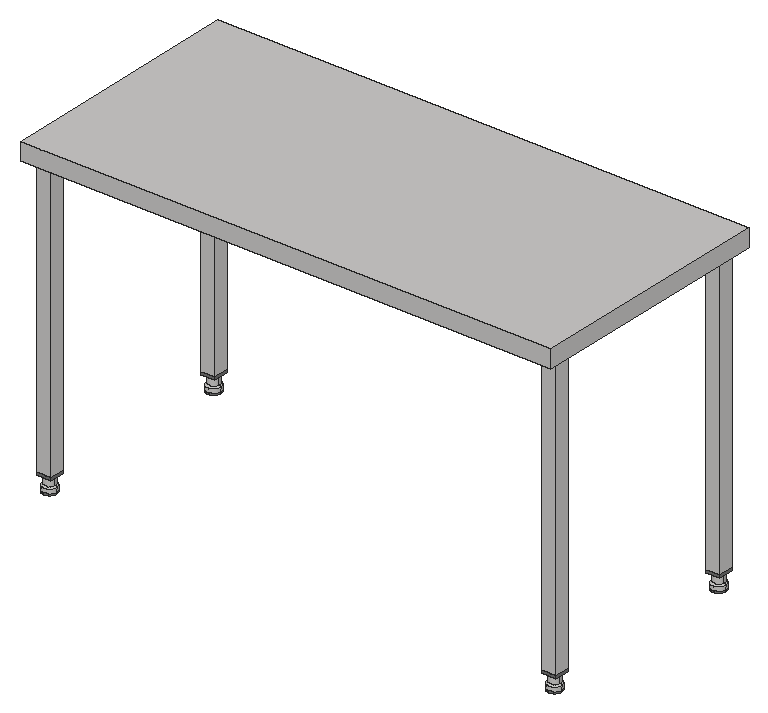
Revit family "QF_ELECTROLUXPROFESSIONAL_133221_TG1500N", category Attrezzature speciali, Revit 2020
Family settings
  Quota connettore circolare = Usa diametro
  Tipo di parte = Normale
  Basato su piano di lavoro = No
  Sempre verticale = Sì
  Taglio con vuoti quando caricato = No
  Condiviso = No
  Punto di calcolo locali = No
Parameters (values of type "Standard")
  Weight = 47.00 kg
  Watts = 0 W
  Volts = 0 V
  URL Manufacturer = "https://www.electroluxprofessional.com/"
  URL = "https://www.electroluxprofessional.com/"
  Steam Supply Size = 0 mm
  Steam Supply Minimum Pressure = 0.0 Pa
  Steam Supply Maximum Pressure = 0.0 Pa
  Steam Consumption per Hour = 0
  Refrigeration Suction Line Size = 0.0 mm
  Refrigeration Liquid Line Size = 0.0 mm
  Refrigerant Compressor Remote = yes
  Prospetto di default = 0.0 mm
  Produttore = "Electrolux Professional"
  Phase = 0
  Modello = "TG1500N"
  Length Actual = 1500.0 mm  # constant formula
  Item Number = "133221"
  Hot Water Size = 0 mm
  Height Actual = 900.0 mm  # constant formula
  HP = "0 HP"
  Gas Size = 0 mm
  Gas KW = 0
  Gas Input Pressure = 0 W
  Direct Waste Size = 0 mm
  Descrizione = "WORK TABLE 1500 MM"
  Depth Actual = 700.0 mm  # constant formula
  Cycle = 0 Hz
  Condensate Return Size = 0 mm
  Compressed Air Volume = 0.0 L/s
  Compressed Air Size = 0 mm
  Compressed Air Pressure = 0.0 Pa
  Cold Water Size = 0 mm
  Accessory = yes
Reference planes
  plane 1 "Center (Front/Back)": y = 0
  plane 2: z = 0
  plane 3 "Center (Left/Right)": x = -250
  plane 4 "LEFT": x = -1000
  plane 5 "RIGHT": x = 500
  plane 6 "BACK": y = 350
  plane 7 "FRONT": y = -350
  plane 8 "Base": z = 850
  plane 9 "TOP": z = 900
  plane 10: x = -964.5
  plane 11: x = 464.5
  plane 12: y = 290
  plane 13: y = -290
Forms (mm)
  Extrusion 1, solid, material "QF_Finishes_Stainless Steel"
    sketch origin (-250, 0, 0) x (0, 1, 0) y (0, 0, 1)
      loop
        line (-350, 850) -> (350, 850) -> (350, 900) -> (-350, 900) -> (-350, 850)
    from 750 to -750
Lines and regions (mm)
  symbolic lines
    curve 1: line (500, 350, 900) -> (-1000, 350, 900)
    curve 2: line (-1000, 350, 900) -> (-1000, -350, 900)
    curve 3: line (-1000, -350, 900) -> (500, -350, 900)
    curve 4: line (500, -350, 900) -> (500, 350, 900)
Dimensions and locks
  plane 4 "LEFT" to plane 5 "RIGHT" = 1500.0 mm
  equal spacing: plane 4 "LEFT", plane 3 "Center (Left/Right)", plane 5 "RIGHT"
  plane 4 "LEFT" to plane 10 = 35.5 mm
  plane 11 to plane 5 "RIGHT" = 35.5 mm
  plane 10 to plane 11 = 1429.0 mm
  locked: plane 9 "TOP" to level at 900
  plane 6 "BACK" to plane 12 = 60.0 mm
  plane 13 to plane 7 "FRONT" = 60.0 mm
  plane 6 "BACK" to plane 7 "FRONT" = 700.0 mm
  plane 12 to plane 13 = 580.0 mm
  equal spacing: plane 6 "BACK", plane 1 "Center (Front/Back)", plane 7 "FRONT"
  locked: plane 8 "Base" to level at 850
  aligned and locked: level to plane 2
  aligned and locked: plane 10 to nested 1
  aligned and locked: nested 1 to plane 13
  aligned and locked: plane 11 to nested 2
  aligned and locked: nested 2 to plane 13
  aligned and locked: plane 11 to nested 4
  aligned and locked: nested 4 to plane 12
  aligned and locked: plane 10 to nested 3
  aligned and locked: nested 3 to plane 12
  aligned and locked: Extrusion 1 to plane 4 "LEFT"
  aligned and locked: plane 5 "RIGHT" to Extrusion 1
  aligned and locked: curve 2 to plane 4 "LEFT"
Automatic sketch dimensions
  Extrusion 1 sketch curve to plane 7 "FRONT" = 0.0 mm
  Extrusion 1 sketch curve to plane 8 "Base" = 0.0 mm
  curve 3 to plane 7 "FRONT" = 0.0 mm
  curve 4 to plane 6 "BACK" = 0.0 mm
  Extrusion 1 sketch curve to plane 9 "TOP" = 0.0 mm
  Extrusion 1 sketch curve to plane 6 "BACK" = 0.0 mm
  curve 4 to plane 5 "RIGHT" = 0.0 mm
Nested families
  nested 1: "FEET_40x40_APP42" at (-964.5, -290, 0), type "FEET_40x40_APP42"
  nested 2: "FEET_40x40_APP42" at (464.5, -290, 0), type "FEET_40x40_APP42"
  nested 3: "FEET_40x40_APP42" at (-964.5, 290, 0), type "FEET_40x40_APP42"
  nested 4: "FEET_40x40_APP42" at (464.5, 290, 0), type "FEET_40x40_APP42"
Definition of nested family "FEET_40x40_APP42"
  Parameters
    Default Elevation = 0.0 mm
    FEET = 850.0 mm
  Reference planes
    plane 1 "Center (Front/Back)": y = 0
    plane 2: z = 0
    plane 3 "Center (Left/Right)": x = 0
    plane 4: z = 850
  Forms (mm)
    Extrusion 1, solid
      sketch origin (0, 0, 0) x (1, 0, 0) y (0, 1, 0)
        loop
          line (-20, -20) -> (20, -20) -> (20, 20) -> (-20, 20) -> (-20, -20)
      from 50 to 845
    Extrusion 2, solid
      sketch origin (0, 0, 0) x (1, 0, 0) y (0, 1, 0)
        loop
          circle (0, 0) r 20
      from 0 to 5
    Extrusion 3, solid
      sketch origin (0, 0, 0) x (1, 0, 0) y (0, 1, 0)
        loop
          line (30, 30) -> (-30, 30) -> (-30, -30) -> (30, -30) -> (30, 30)
      from 845 to 850
    Extrusion 4, solid
      sketch origin (0, 0, 0) x (1, 0, 0) y (0, 1, 0)
        loop
          line (-20, -20) -> (20, -20) -> (20, 20) -> (-20, 20) -> (-20, -20)
      from 50 to 42
    Revolve 5, solid
      sketch origin (0, 0, 0) x (1, 0, 0) y (0, 0, 1)
        loop
          line (0, 42) -> (-15, 42) -> (-15, 20) -> (-20, 15) -> (-20, 5) -> (0, 5) -> (0, 42)
        axis (0, 42) -> (0, 5)
      angle from 0 to 360
  Lines and regions (mm)
    symbolic lines
      curve 1: line (0, -1.503, 0) -> (0, 1.508, 0)
      curve 2: line (1.561, 0, 0) -> (-1.439, 0, 0)
  Dimensions and locks
    "FEET": plane 4 to plane 2
    aligned and locked: level to plane 2
  Automatic sketch dimensions
    plane 1 "Center (Front/Back)" to curve 2 = 0.0 mm
    curve 1 to plane 3 "Center (Left/Right)" = 0.0 mm
    curve 2 to plane 3 "Center (Left/Right)" = 1.439 mm
    plane 3 "Center (Left/Right)" to curve 2 = 1.561 mm
    plane 1 "Center (Front/Back)" to curve 1 = 1.503 mm
    curve 1 to plane 1 "Center (Front/Back)" = 1.508 mm
    Extrusion 1 sketch curve to plane 3 "Center (Left/Right)" = 20.0 mm
    plane 3 "Center (Left/Right)" to Extrusion 1 sketch curve = 20.0 mm
    plane 1 "Center (Front/Back)" to Extrusion 1 sketch curve = 20.0 mm
    Extrusion 1 sketch curve to plane 1 "Center (Front/Back)" = 20.0 mm
    plane 1 "Center (Front/Back)" to Extrusion 2 sketch curve = 0.0 mm
    Extrusion 2 sketch curve to plane 3 "Center (Left/Right)" = 0.0 mm
    Extrusion 3 sketch curve to plane 3 "Center (Left/Right)" = 30.0 mm
    plane 3 "Center (Left/Right)" to Extrusion 3 sketch curve = 30.0 mm
    plane 1 "Center (Front/Back)" to Extrusion 3 sketch curve = 30.0 mm
    Extrusion 3 sketch curve to plane 1 "Center (Front/Back)" = 30.0 mm
    Extrusion 4 sketch curve to plane 3 "Center (Left/Right)" = 20.0 mm
    plane 3 "Center (Left/Right)" to Extrusion 4 sketch curve = 20.0 mm
    plane 1 "Center (Front/Back)" to Extrusion 4 sketch curve = 20.0 mm
    Extrusion 4 sketch curve to plane 1 "Center (Front/Back)" = 20.0 mm
    Revolve 5 sketch curve to plane 3 "Center (Left/Right)" = 0.0 mm  (x2)
    Revolve 5 sketch curve to plane 3 "Center (Left/Right)" = 15.0 mm
    Revolve 5 sketch curve to Revolve 5 sketch curve = 5.0 mm  (x3)
    level to Revolve 5 sketch curve = 5.0 mm
    Revolve 5 sketch curve to Revolve 5 sketch curve = 10.0 mm
    Revolve 5 sketch curve to Revolve 5 sketch curve = 22.0 mm
    Revolve 5 sketch curve to level = 9.561 mm
    radius of Extrusion 2 sketch curve = 20.0 mm
